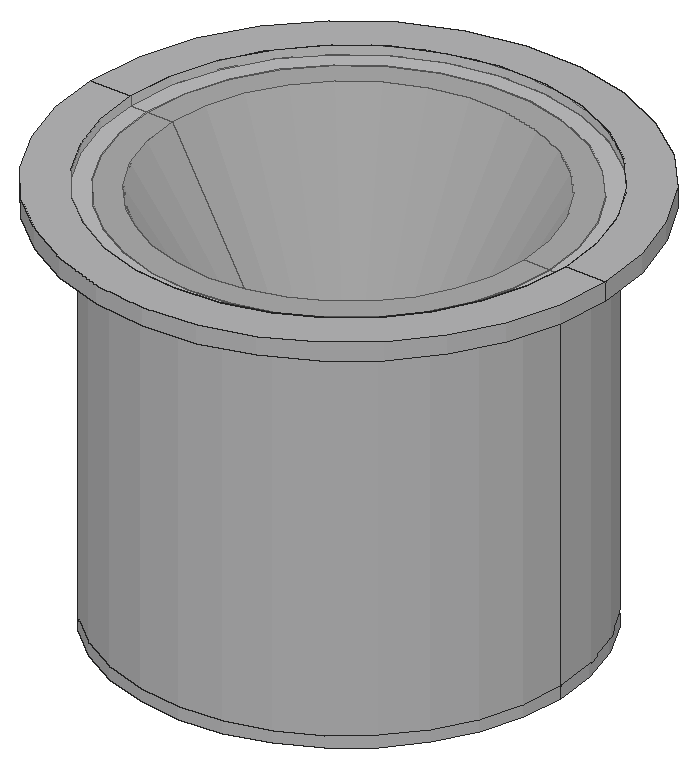
Revit family "2049542 Lighting Fixture_Sylvania_Myriad V LED_Ceiling Recessed", category Lighting Fixtures, host Face, Revit 2015
Parameters (values of type "MYRIAD SS IP65 4000K DALI WH EM")
  Weight = 1.42 kg
  Wattage = 18 W
  built-in parameter 1150110 = 1 (stored number, unit not read)
  Voltage Comments = "UNV (Universal Voltage; 220-240 Volt)"  # constant formula
  Voltage = 240 V  # constant formula
  URL = ""
  built-in parameter 1114217 = 1 (stored number, unit not read)
  Tilt Angle = -90.00°  # constant formula
  built-in parameter 1150109 = 1 (stored number, unit not read)
  built-in parameter 1150134 = 12
  built-in parameter 1150113 = 1 (stored number, unit not read)
  Reflector Material = Steel_Sylvania_Myrad V LED_Chrome
  Recessed Depth = 72.0 mm
  Photometric Web File = "2049542_MYRIADV13WLED4K+DALI+Emergency-90791.ies"
  Product Page URL = ""
  Product Family = "MYRIAD V LED - IP65 GLASS WHITE BEZEL"  # constant formula
  Photometry Comments = ""
  built-in parameter 1150105 = 23.477 (stored number, unit not read)
  Lumens = 295.02 lm
  built-in parameter 1150115 = 1 (stored number, unit not read)
  built-in parameter 1150137 = (empty or 0)
  built-in parameter 1150139 = (empty or 0)
  Life = "50 000h"  # constant formula
  built-in parameter 1150112 = 1 (stored number, unit not read)
  built-in parameter 1150114 = 1 (stored number, unit not read)
  Lamp Comments = "18W Citizen Citiled neutral 4000K"
  LOR = "100%"
  Inner Radius = Cutout Radius - 2.0 mm  # 36.0 mm
  built-in parameter 1150132 = 2
  built-in parameter 1150102 = (empty or 0)
  built-in parameter 1150107 = 4000 (stored number, unit not read)
  built-in parameter 1150138 = (empty or 0)
  built-in parameter 1150106 = 0.23477 (stored number, unit not read)
  Energy Class = "A++A+A"  # constant formula
  Emit from Circle Diameter = Diffuser Diameter  # 78.0 mm
  Emit Shape Visible in Rendering = no
  built-in parameter 1150104 = 1.5227 (stored number, unit not read)
  Dimming Range = "Dali"  # constant formula
  Dimming Lamp Color Temperature Shift = <None>
  Diffuser Diameter = Cutout Diameter + 2.0 mm  # 78.0 mm
  Diameter = Cutout Diameter  # 76.0 mm
  Cutout Radius = Cutout Diameter / 2  # 38.0 mm
  Cutout Diameter = 76.0 mm
  Control Gear Type = "Dali + Emergency"
  Color Filter = 16777215
  Catalog Number = "2049542 MYRIAD SS IP65 4000K DALI WH EM"
  Body Material = Aluminum_Sylvania_Myrad V LED_Silver
  Beam Angle = 30.00°  # constant formula
  built-in parameter 1114218 = 1 (stored number, unit not read)
  built-in parameter 1150133 = 10 (stored number, unit not read)
  IP Rating = "IP65"  # constant formula
  Electrical Protection = "CLASS II"  # constant formula
  built-in parameter 1114216 [instance] = 1 (stored number, unit not read)
  Model = "MYRIAD SS IP65 4000K DALI WH EM"
  Manufacturer = "Feilo-Sylvania Group"
  Lamp = "Integrated LED"
  Diffuser Material = Polycarbonate_Sylvania_Myrad V LED_Clear
  Description = "New high output high efficiency LED downlight modules. IR/UV free light source without heat radiation. Energy efficient light source with far superior luminous flux per watt than existing Low Voltage Halogen. Long life up to 50K hours, fit and forget maintenance free lighting solution. Dimmable options including DALI as standard. IP44 & IP65 versions as standard options. New range of Architectural accessories each providing a different lit dimension. Choice of colour temperatures warm 3000K and neutral 4000K. Luminaires supplied complete with LED drivers. Emergency versions passes through cut out. New completely flush plaster up accessory ring for clean ceiling lines and smooth finish. Total circuit power I5W"  # constant formula
  Default Elevation = 0.0 mm
  built-in parameter 1140040 [instance] = 1
  Assembly Code = "D5020200"
  Apparent Load Comments = ""
  Apparent Load = 18 VA
Reference planes
  plane 1 "Center (Front/Back)": y = 0
  plane 2: z = 0
  plane 3 "Center (Left/Right)": x = 0
  plane 4 "Fixture Bottom": z = 3
  plane 5 "Diffuser": z = 1.454
  plane 6 "Housing Top": z = -66.546
  plane 7 "Housing Thickness": z = -64.546
  plane 8 "Reflector Top": z = -33.546
  plane 9 "Fixture Top": z = -72
Forms (mm)
  Extrusion 1, void
    sketch origin (0, 0, 58) x (-1, 0, 0) y (0, -1, 0)
      loop
        circle (0, 0) r 38
    from -124.546 to -55
  Revolve 2, solid, material "Aluminum_Sylvania_Myrad V LED_Silver" <- "Body Material", detail levels fine
    sketch origin (0, 0, 0) x (1, 0, 0) y (0, 0, 1)
      loop
        line (-46.021, 3) -> (-46.021, 0) -> (-38, 0) -> (-38, -64.546) -> (-36.037, -64.546) -> (-36.037, 1.454) -> (-39, 1.454) -> (-39, 3) -> (-46.021, 3)
      axis (0, 3) -> (0, -64.546)
    angle from 0 to 360
  Extrusion 3, solid, material "Aluminum_Sylvania_Myrad V LED_Silver" <- "Body Material", detail levels fine
    sketch origin (0, 0, 58) x (-1, 0, 0) y (0, -1, 0)
      loop
        circle (0, 0) r 38
    from -124.546 to -122.546
  Revolve 4, solid, material "Steel_Sylvania_Myrad V LED_Chrome" <- "Reflector Material", detail levels fine
    sketch origin (0, 0, 0) x (1, 0, 0) y (0, 0, 1)
      loop
        line (-36, -33.546) -> (0, -33.546) -> (0, -31.083) -> (-12.669, -31.083) -> (-31.5, 1.454) -> (-36, 1.454) -> (-36, -33.546)
      axis (0, 1.454) -> (0, -33.546)
    angle from 0 to 360
  Extrusion 5, solid, material "Polycarbonate_Sylvania_Myrad V LED_Clear" <- "Diffuser Material", detail levels fine
    sketch origin (0, 0, 58) x (-1, 0, 0) y (0, -1, 0)
      loop
        circle (0, 0) r 39
    from -56.546 to -55
  Revolve 6, solid, material "Aluminum_Sylvania_Myrad V LED_Silver" <- "Body Material", detail levels coarse+medium
    sketch origin (0, 0, 0) x (1, 0, 0) y (0, 0, 1)
      loop
        line (-46.021, 3) -> (-46.021, 0) -> (-38, 0) -> (-38, -72) -> (0, -72) -> (0, 3) -> (-46.021, 3)
      axis (0, 3) -> (0, -72)
    angle from 0 to 360
  Revolve 7, solid
    sketch origin (0, 0, 0) x (1, 0, 0) y (0, 0, 1)
      loop
        line (-28, -66.546) -> (-28, -70)
        arc (-28, -70) -> (-27.414, -71.414) -> (-26, -72) r 2
        line (-26, -72) -> (-4.499, -72) -> (-4.499, -66.546) -> (-28, -66.546)
      axis (-4.499, -66.546) -> (-4.499, -72)
    angle from 0 to 360
Cuts and joins
  joined: Revolve 2, Extrusion 3
Dimensions and locks
  locked: plane 4 "Fixture Bottom" to plane 2 at 3
  locked: plane 5 "Diffuser" to plane 2 at 1.454
  "Cutout Radius": plane 3 "Center (Left/Right)" to Revolve 2 sketch curve
  locked: Revolve 2 sketch curve to Revolve 2 sketch curve at 1.963
  locked: Revolve 2 sketch curve to Revolve 2 sketch curve at 8.021
  locked: Revolve 4 sketch curve to Revolve 4 sketch curve at 2.463
  locked: Revolve 2 sketch curve to Revolve 2 sketch curve at 1
  "Inner Radius": plane 3 "Center (Left/Right)" to Revolve 4 sketch curve
  locked: Revolve 4 sketch curve to Revolve 4 sketch curve at 4.5
  locked: Revolve 4 sketch curve to Revolve 4 sketch curve at 23.331
  locked: plane 5 "Diffuser" to plane 8 "Reflector Top" at 35
  locked: Revolve 6 sketch curve to Revolve 6 sketch curve at 8.021
  "Cutout Radius": Revolve 6 sketch curve to imposter light
  "Recessed Depth": plane 2 to plane 9 "Fixture Top"
  locked: Revolve 7 sketch curve to imposter light at 4.499
  imposter light to Revolve 7 sketch curve = 28.0 mm
  plane 7 "Housing Thickness" to plane 6 "Housing Top" to plane 9 "Fixture Top" = 2.0 mm locked, 5.454 mm locked
  "Cutout Diameter": diameter of Extrusion 1 sketch curve
  "Cutout Diameter": diameter of Extrusion 3 sketch curve
  "Diffuser Diameter": diameter of Extrusion 5 sketch curve
  aligned and locked: host face to plane 2
  aligned and locked: level to host face
  aligned and locked: Revolve 2 sketch curve to plane 4 "Fixture Bottom"
  aligned and locked: Revolve 2 sketch curve to plane 5 "Diffuser"
  aligned and locked: Revolve 2 sketch curve to plane 2
  aligned and locked: Revolve 2 sketch curve to plane 3 "Center (Left/Right)"
  aligned and locked: plane 7 "Housing Thickness" to Extrusion 3
  aligned and locked: Extrusion 3 to plane 6 "Housing Top"
  aligned and locked: Revolve 2 sketch curve to plane 7 "Housing Thickness"
  aligned and locked: Revolve 4 sketch curve to plane 5 "Diffuser"
  aligned and locked: Revolve 4 sketch curve to plane 3 "Center (Left/Right)"  (x2)
  aligned and locked: Extrusion 5 to plane 5 "Diffuser"
  aligned and locked: plane 4 "Fixture Bottom" to Extrusion 5
  aligned and locked: Revolve 4 sketch curve to plane 8 "Reflector Top"
  aligned and locked: imposter light to plane 3 "Center (Left/Right)"
  aligned and locked: imposter light to plane 4 "Fixture Bottom"
  aligned and locked: imposter light to plane 1 "Center (Front/Back)"
  aligned and locked: Revolve 6 sketch curve to imposter light  (x2)
  aligned and locked: Revolve 6 sketch curve to plane 2
  aligned and locked: imposter light to Extrusion 1
  aligned and locked: Extrusion 1 to plane 6 "Housing Top"
  aligned and locked: Revolve 7 sketch curve to plane 6 "Housing Top"
  aligned and locked: Revolve 7 sketch curve to plane 9 "Fixture Top"
  aligned and locked: Revolve 7 sketch curve to Revolve 7 sketch curve
  aligned and locked: Revolve 6 sketch curve to plane 9 "Fixture Top"
Automatic sketch dimensions
  host sketch curve to host sketch curve = 345.0 mm
  host sketch curve to host sketch curve = 280.0 mm
  Revolve 7 sketch curve to plane 6 "Housing Top" = 0.0 mm
  Revolve 7 sketch curve to Revolve 7 sketch curve = 2.0 mm
  Revolve 7 sketch curve to plane 9 "Fixture Top" = 8.594 mm
  plane 1 "Center (Front/Back)" to Extrusion 1 sketch curve = 0.0 mm
  Extrusion 1 sketch curve to plane 3 "Center (Left/Right)" = 0.0 mm
  plane 8 "Reflector Top" to Revolve 2 sketch curve = 16.453 mm
  plane 4 "Fixture Bottom" to Revolve 2 sketch curve = 14.907 mm
  plane 1 "Center (Front/Back)" to Extrusion 3 sketch curve = 0.0 mm
  Extrusion 3 sketch curve to plane 3 "Center (Left/Right)" = 0.0 mm
  plane 4 "Fixture Bottom" to Revolve 4 sketch curve = 9.307 mm
  Revolve 4 sketch curve to Revolve 4 sketch curve = 25.0 mm
  plane 1 "Center (Front/Back)" to Extrusion 5 sketch curve = 0.0 mm
  Extrusion 5 sketch curve to plane 3 "Center (Left/Right)" = 0.0 mm
  Revolve 6 sketch curve to plane 3 "Center (Left/Right)" = 0.0 mm
  plane 8 "Reflector Top" to Revolve 6 sketch curve = 16.453 mm
  Revolve 6 sketch curve to Revolve 6 sketch curve = 14.907 mm
Connectors
  electrical at (0, 0, -72), driven by "Voltage", driven by "Apparent Load"
    settings: index 1, voltage 240 V, apparent load 0 VA, apparent load phase1 18 VA, apparent load phase2 0 VA, apparent load phase3 0 VA, power factor 1, load classification "Lighting", number of poles 1, system type 31, power factor state 1, is connector primary yes, connector utility no, sub classification motor no, connector description ""
